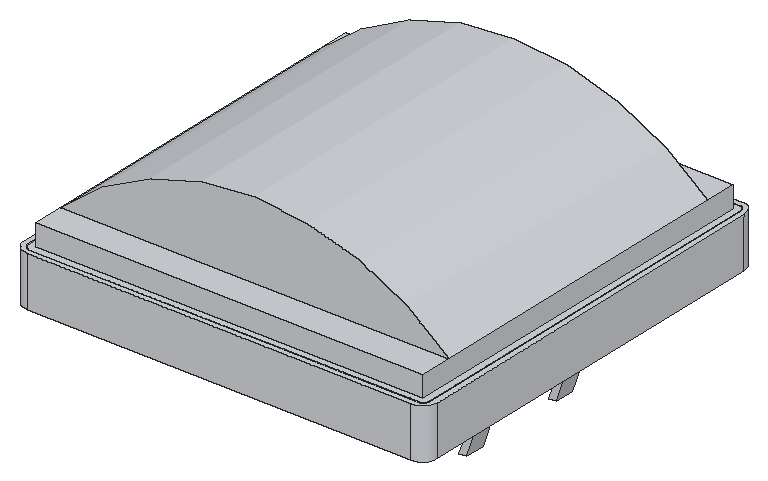
Revit family "Gira_5373600", category Electrical Fixtures, host Face, Revit 2017
Family settings
  Host = Face
  Maintain Annotation Orientation = Yes
  Round Connector Dimension = Use Diameter
  Part Type = Normal
  Cut with Voids When Loaded = No
  Shared = No
  Room Calculation Point = No
Parameters (values of type "S3000 motion detec.top 1.10 m Standard System 55 stainl.steel(lac.)")
  URL = "http://katalog.gira.de/en/datenblatt.html?artikelnr=5373600"
  Name = "S3000 motion detec.top 1.10 m Standard System 55 stainl.steel(lac.)"
  Model = "Movement sensor"
  Manufacturer URL = "https://www.gira.de/"
  Manufacturer = "Gira"
  Keynote = ""
  HeinzeBIM = "https://bimportal.heinze.de/bim/s3000-motion-detec-top-1-10-m-standard-system-55-stainl-steel-lac-/be5acad0a136b418682be106ad8a421ff9868903"
  HAN = "5373600"
  GTIN = "4010337049999"
  Description = "S3000 mot.det.top 1.10m Std Sys55 SSTl,System 3000 motion detector top unit 1.10 m Standard,System 55,stainless steel (lacquered),Features:,- Automatic switching of lighting, depending on the movement of heat and ambient brightness.,- Operation with System 3000 switching or dimming insert or 3-wire auxiliary insert.,- Expansion of the detection range in combination with the 3-wire auxiliary insert.,- Adjustable brightness threshold.,- Sensitivity adjustable in four steps.,- When connecting a System 3000 auxiliary insert with an operating top unit or mechanical button to the main unit, the lighting can be switched on or dimmed for the duration of the delay time.,With System 3000 dimming insert:,- Switch on with the last brightness set, or a saved switch-on brightness.,- The switch-on brightness can only be saved permanently via the System 3000 auxiliary insert with operating top unit.,,Notes :,- The detection range is aligned horizontally and when used outdoors may fail to identify a boundary. When installing outdoors, find an appropriate location or use the 2.20 m motion detector top unit."
  Default Elevation = 1219.2 mm
  Data sheet (1) = "https://katalog.gira.de/en/download.html?artikelnr=5373600"
  Category = "Sensor element for movement sensor"
  BIM (1) = "https://media.stage.bim.site/public/gira/36a6b08/Bewegungsmelder_1,10m.rfa"
  Available = "No"
Reference planes
  plane 1 "Center (Front/Back)": y = 0
  plane 2: z = 0
  plane 3 "Center (Left/Right)": x = 0
Forms (mm)
  Extrusion 1, solid, detail levels fine
    sketch origin (0, 0, 0) x (1, 0, 0) y (0, 0, 1)
      loop
        line (-33.025, 12.126) -> (33.025, 12.126)
        arc (33.025, 12.126) -> (0, 25.3) -> (-33.025, 12.126) r 47.982
    from -27.6 to 27.6
  Extrusion 2, solid, detail levels fine
    sketch origin (0, 0, 0) x (1, 0, 0) y (0, 1, 0)
      loop
        line (33.025, 33.025) -> (-33.025, 33.025) -> (-33.025, -33.025) -> (33.025, -33.025) -> (33.025, 33.025)
    from 8.55 to 12.126
  Extrusion 3, solid, detail levels fine
    sketch origin (0, 0, 0) x (1, 0, 0) y (0, 1, 0)
      loop
        spline (-32.7, 35.2) -> (-33.027, 35.179) -> (-33.347, 35.115) -> (-33.657, 35.01) -> (-33.95, 34.865) -> (-34.222, 34.683) -> (-34.468, 34.468) -> (-34.683, 34.222) -> (-34.865, 33.95) -> (-35.01, 33.657) -> (-35.115, 33.347) -> (-35.179, 33.027) -> (-35.2, 32.7)
        line (-35.2, 32.7) -> (-35.2, -32.7)
        spline (-35.2, -32.7) -> (-35.179, -33.027) -> (-35.115, -33.347) -> (-35.01, -33.657) -> (-34.865, -33.95) -> (-34.683, -34.222) -> (-34.468, -34.468) -> (-34.222, -34.683) -> (-33.95, -34.865) -> (-33.657, -35.01) -> (-33.347, -35.115) -> (-33.027, -35.179) -> (-32.7, -35.2)
        line (-32.7, -35.2) -> (32.7, -35.2)
        spline (32.7, -35.2) -> (33.027, -35.179) -> (33.347, -35.115) -> (33.657, -35.01) -> (33.95, -34.865) -> (34.222, -34.683) -> (34.468, -34.468) -> (34.683, -34.222) -> (34.865, -33.95) -> (35.01, -33.657) -> (35.115, -33.347) -> (35.179, -33.027) -> (35.2, -32.7)
        line (35.2, -32.7) -> (35.2, 32.7)
        spline (35.2, 32.7) -> (35.179, 33.027) -> (35.115, 33.347) -> (35.01, 33.657) -> (34.865, 33.95) -> (34.683, 34.222) -> (34.468, 34.468) -> (34.222, 34.683) -> (33.95, 34.865) -> (33.657, 35.01) -> (33.347, 35.115) -> (33.027, 35.179) -> (32.7, 35.2)
        line (32.7, 35.2) -> (-32.7, 35.2)
      loop
        line (-34.2, 33.2) -> (-34.2, -33.2)
        spline (-34.2, -33.2) -> (-34.191, -33.331) -> (-34.166, -33.459) -> (-34.124, -33.583) -> (-34.066, -33.7) -> (-33.993, -33.809) -> (-33.907, -33.907) -> (-33.809, -33.993) -> (-33.7, -34.066) -> (-33.583, -34.124) -> (-33.459, -34.166) -> (-33.331, -34.191) -> (-33.2, -34.2)
        line (-33.2, -34.2) -> (33.2, -34.2)
        spline (33.2, -34.2) -> (33.331, -34.191) -> (33.459, -34.166) -> (33.583, -34.124) -> (33.7, -34.066) -> (33.809, -33.993) -> (33.907, -33.907) -> (33.993, -33.809) -> (34.066, -33.7) -> (34.124, -33.583) -> (34.166, -33.459) -> (34.191, -33.331) -> (34.2, -33.2)
        line (34.2, -33.2) -> (34.2, 33.2)
        spline (34.2, 33.2) -> (34.191, 33.331) -> (34.166, 33.459) -> (34.124, 33.583) -> (34.066, 33.7) -> (33.993, 33.809) -> (33.907, 33.907) -> (33.809, 33.993) -> (33.7, 34.066) -> (33.583, 34.124) -> (33.459, 34.166) -> (33.331, 34.191) -> (33.2, 34.2)
        line (33.2, 34.2) -> (-33.2, 34.2)
        spline (-33.2, 34.2) -> (-33.331, 34.191) -> (-33.459, 34.166) -> (-33.583, 34.124) -> (-33.7, 34.066) -> (-33.809, 33.993) -> (-33.907, 33.907) -> (-33.993, 33.809) -> (-34.066, 33.7) -> (-34.124, 33.583) -> (-34.166, 33.459) -> (-34.191, 33.331) -> (-34.2, 33.2)
    from 0 to 8.55
  Extrusion 4, solid, detail levels fine
    sketch origin (0, 0, 0) x (1, 0, 0) y (0, 1, 0)
      loop
        line (-34.2, 33.2) -> (-34.2, -33.2)
        spline (-34.2, -33.2) -> (-34.191, -33.331) -> (-34.166, -33.459) -> (-34.124, -33.583) -> (-34.066, -33.7) -> (-33.993, -33.809) -> (-33.907, -33.907) -> (-33.809, -33.993) -> (-33.7, -34.066) -> (-33.583, -34.124) -> (-33.459, -34.166) -> (-33.331, -34.191) -> (-33.2, -34.2)
        line (-33.2, -34.2) -> (33.2, -34.2)
        spline (33.2, -34.2) -> (33.331, -34.191) -> (33.459, -34.166) -> (33.583, -34.124) -> (33.7, -34.066) -> (33.809, -33.993) -> (33.907, -33.907) -> (33.993, -33.809) -> (34.066, -33.7) -> (34.124, -33.583) -> (34.166, -33.459) -> (34.191, -33.331) -> (34.2, -33.2)
        line (34.2, -33.2) -> (34.2, 33.2)
        spline (34.2, 33.2) -> (34.191, 33.331) -> (34.166, 33.459) -> (34.124, 33.583) -> (34.066, 33.7) -> (33.993, 33.809) -> (33.907, 33.907) -> (33.809, 33.993) -> (33.7, 34.066) -> (33.583, 34.124) -> (33.459, 34.166) -> (33.331, 34.191) -> (33.2, 34.2)
        line (33.2, 34.2) -> (-33.2, 34.2)
        spline (-33.2, 34.2) -> (-33.331, 34.191) -> (-33.459, 34.166) -> (-33.583, 34.124) -> (-33.7, 34.066) -> (-33.809, 33.993) -> (-33.907, 33.907) -> (-33.993, 33.809) -> (-34.066, 33.7) -> (-34.124, 33.583) -> (-34.166, 33.459) -> (-34.191, 33.331) -> (-34.2, 33.2)
    from 6.175 to 8.55
  Extrusion 5, solid, detail levels fine
    sketch origin (0, 0, 0) x (1, 0, 0) y (0, 1, 0)
      loop
        spline (-27.7, -27.1) -> (-27.696, -27.165) -> (-27.683, -27.229) -> (-27.662, -27.291) -> (-27.633, -27.35) -> (-27.597, -27.404) -> (-27.554, -27.454) -> (-27.504, -27.497) -> (-27.45, -27.533) -> (-27.391, -27.562) -> (-27.329, -27.583) -> (-27.265, -27.596) -> (-27.2, -27.6)
        line (-27.2, -27.6) -> (27.2, -27.6)
        spline (27.2, -27.6) -> (27.265, -27.596) -> (27.329, -27.583) -> (27.391, -27.562) -> (27.45, -27.533) -> (27.504, -27.497) -> (27.554, -27.454) -> (27.597, -27.404) -> (27.633, -27.35) -> (27.662, -27.291) -> (27.683, -27.229) -> (27.696, -27.165) -> (27.7, -27.1)
        line (27.7, -27.1) -> (27.7, 27.1)
        spline (27.7, 27.1) -> (27.696, 27.165) -> (27.683, 27.229) -> (27.662, 27.291) -> (27.633, 27.35) -> (27.597, 27.404) -> (27.554, 27.454) -> (27.504, 27.497) -> (27.45, 27.533) -> (27.391, 27.562) -> (27.329, 27.583) -> (27.265, 27.596) -> (27.2, 27.6)
        line (27.2, 27.6) -> (-27.2, 27.6)
        spline (-27.2, 27.6) -> (-27.265, 27.596) -> (-27.329, 27.583) -> (-27.391, 27.562) -> (-27.45, 27.533) -> (-27.504, 27.497) -> (-27.554, 27.454) -> (-27.597, 27.404) -> (-27.633, 27.35) -> (-27.662, 27.291) -> (-27.683, 27.229) -> (-27.696, 27.165) -> (-27.7, 27.1)
        line (-27.7, 27.1) -> (-27.7, -27.1)
      loop
        line (26.9, 26.8) -> (-26.9, 26.8) -> (-26.9, -26.8) -> (26.9, -26.8) -> (26.9, 26.8)
    from 0 to 6.175
  Extrusion 6, solid, detail levels fine
    sketch origin (0, 0, 0) x (1, 0, 0) y (0, 1, 0)
      loop
        line (-15.4, -23.928) -> (15.4, -23.928)
        arc (15.4, -23.928) -> (21.43, -21.43) -> (23.928, -15.4) r 8.528
        line (23.928, -15.4) -> (23.928, 15.4)
        arc (23.928, 15.4) -> (21.43, 21.43) -> (15.4, 23.928) r 8.528
        line (15.4, 23.928) -> (-15.4, 23.928)
        arc (-15.4, 23.928) -> (-21.43, 21.43) -> (-23.928, 15.4) r 8.528
        line (-23.928, 15.4) -> (-23.928, -15.4)
        arc (-23.928, -15.4) -> (-21.43, -21.43) -> (-15.4, -23.928) r 8.528
    from -0.985 to 1.6
  Extrusion 7, solid, detail levels fine
    sketch origin (0, 0, 0) x (1, 0, 0) y (0, 1, 0)
      loop
        line (-26.35, 18.301) -> (-26.35, -18.801)
        spline (-26.35, -18.801) -> (-26.286, -19.78) -> (-26.095, -20.742) -> (-25.779, -21.671) -> (-25.345, -22.551) -> (-24.8, -23.366) -> (-24.154, -24.104) -> (-23.416, -24.75) -> (-22.601, -25.295) -> (-21.721, -25.729) -> (-20.792, -26.045) -> (-19.83, -26.236) -> (-18.851, -26.3)
        line (-18.851, -26.3) -> (18.851, -26.3)
        spline (18.851, -26.3) -> (19.83, -26.236) -> (20.792, -26.045) -> (21.721, -25.729) -> (22.601, -25.295) -> (23.416, -24.75) -> (24.154, -24.104) -> (24.8, -23.366) -> (25.345, -22.551) -> (25.779, -21.671) -> (26.094, -20.742) -> (26.286, -19.78) -> (26.35, -18.801)
        line (26.35, -18.801) -> (26.35, 18.301)
        spline (26.35, 18.301) -> (26.286, 19.28) -> (26.094, 20.242) -> (25.779, 21.171) -> (25.345, 22.051) -> (24.8, 22.866) -> (24.154, 23.604) -> (23.416, 24.25) -> (22.601, 24.795) -> (21.721, 25.229) -> (20.792, 25.545) -> (19.83, 25.736) -> (18.851, 25.8)
        line (18.851, 25.8) -> (-18.851, 25.8)
        spline (-18.851, 25.8) -> (-19.83, 25.736) -> (-20.792, 25.545) -> (-21.721, 25.229) -> (-22.601, 24.795) -> (-23.416, 24.25) -> (-24.154, 23.604) -> (-24.8, 22.866) -> (-25.345, 22.051) -> (-25.779, 21.171) -> (-26.095, 20.242) -> (-26.286, 19.28) -> (-26.35, 18.301)
    from 1.6 to 6.1
  Extrusion 8, solid, detail levels fine
    sketch origin (0, 0, 0) x (1, 0, 0) y (0, 0, 1)
      loop
        line (-23.048, -13.343) -> (-21.665, -13.513) -> (-24.338, -6.363) -> (-23.36, 1.6) -> (-25.023, 1.6) -> (-24.975, -1.121) -> (-25.39, -6.541) -> (-23.048, -13.343)
      loop
        line (23.048, -13.343) -> (25.39, -6.541) -> (24.975, -1.121) -> (25.023, 1.6) -> (23.36, 1.6) -> (24.338, -6.363) -> (21.665, -13.513) -> (23.048, -13.343)
    from 7.9 to 11.14
  Extrusion 9, solid, detail levels fine
    sketch origin (0, 0, 0) x (1, 0, 0) y (0, 0, -1)
      loop
        line (-23.048, 13.343) -> (-25.39, 6.541) -> (-24.975, 1.121) -> (-25.023, -1.6) -> (-23.36, -1.6) -> (-24.338, 6.363) -> (-21.665, 13.513) -> (-23.048, 13.343)
      loop
        line (23.048, 13.343) -> (21.665, 13.513) -> (24.338, 6.363) -> (23.36, -1.6) -> (25.023, -1.6) -> (24.975, 1.121) -> (25.39, 6.541) -> (23.048, 13.343)
    from 7.9 to 11.14
  Extrusion 10, solid, detail levels fine
    sketch origin (0, 0, 0) x (1, 0, 0) y (0, 1, 0)
      loop
        line (-5.141, 20.681) -> (-5.141, 15.099)
        spline (-5.141, 15.099) -> (-5.133, 14.968) -> (-5.107, 14.84) -> (-5.065, 14.716) -> (-5.007, 14.599) -> (-4.935, 14.49) -> (-4.849, 14.391) -> (-4.75, 14.305) -> (-4.641, 14.233) -> (-4.524, 14.175) -> (-4.4, 14.133) -> (-4.272, 14.107) -> (-4.141, 14.099)
        line (-4.141, 14.099) -> (4.141, 14.099)
        spline (4.141, 14.099) -> (4.272, 14.107) -> (4.4, 14.133) -> (4.524, 14.175) -> (4.641, 14.233) -> (4.75, 14.305) -> (4.849, 14.391) -> (4.935, 14.49) -> (5.007, 14.599) -> (5.065, 14.716) -> (5.107, 14.84) -> (5.133, 14.968) -> (5.141, 15.099)
        line (5.141, 15.099) -> (5.141, 20.681)
        spline (5.141, 20.681) -> (5.133, 20.812) -> (5.107, 20.94) -> (5.065, 21.064) -> (5.007, 21.181) -> (4.935, 21.29) -> (4.849, 21.389) -> (4.75, 21.475) -> (4.641, 21.547) -> (4.524, 21.605) -> (4.4, 21.647) -> (4.272, 21.673) -> (4.141, 21.681)
        line (4.141, 21.681) -> (-4.141, 21.681)
        spline (-4.141, 21.681) -> (-4.272, 21.673) -> (-4.4, 21.647) -> (-4.524, 21.605) -> (-4.641, 21.547) -> (-4.75, 21.475) -> (-4.849, 21.389) -> (-4.935, 21.29) -> (-5.007, 21.181) -> (-5.065, 21.064) -> (-5.107, 20.94) -> (-5.133, 20.812) -> (-5.141, 20.681)
    from -17.3 to -0.985
  Extrusion 11, solid, detail levels medium
    sketch origin (0, 0, 0) x (1, 0, 0) y (0, 1, 0)
      loop
        line (33.025, 33.025) -> (-33.025, 33.025) -> (-33.025, -33.025) -> (33.025, -33.025) -> (33.025, 33.025)
    from 8.55 to 25.3
  Extrusion 12, solid, detail levels medium
    sketch origin (0, 0, 0) x (1, 0, 0) y (0, 1, 0)
      loop
        line (-35.2, 35.2) -> (-35.2, -35.2) -> (35.2, -35.2) -> (35.2, 35.2) -> (-35.2, 35.2)
    from 0 to 8.55
  Extrusion 13, solid, detail levels medium
    sketch origin (0, 0, 0) x (1, 0, 0) y (0, 0, 1)
      loop
        line (-25.023, 1.6) -> (-25.023, -13.1) -> (-21.665, -13.513) -> (-21.665, 1.6) -> (-25.023, 1.6)
      loop
        line (25.023, 1.6) -> (21.665, 1.6) -> (21.665, -13.513) -> (25.023, -13.1) -> (25.023, 1.6)
    from 8 to 11.14
  Extrusion 14, solid, detail levels medium
    sketch origin (0, 0, 0) x (1, 0, 0) y (0, 0, -1)
      loop
        line (-25.023, -1.6) -> (-21.665, -1.6) -> (-21.665, 13.513) -> (-25.023, 13.1) -> (-25.023, -1.6)
      loop
        line (25.023, -1.6) -> (25.023, 13.1) -> (21.665, 13.513) -> (21.665, -1.6) -> (25.023, -1.6)
    from 8 to 11.14
  Extrusion 15, solid, detail levels medium
    sketch origin (0, 0, 0) x (1, 0, 0) y (0, 1, 0)
      loop
        line (-5.141, 21.681) -> (-5.141, 14.099) -> (5.141, 14.099) -> (5.141, 21.681) -> (-5.141, 21.681)
    from -17.3 to -0.985
  Extrusion 16, solid, detail levels coarse
    sketch origin (0, 0, 0) x (1, 0, 0) y (0, 1, 0)
      loop
        line (-35.2, 35.2) -> (-35.2, -35.2) -> (35.2, -35.2) -> (35.2, 35.2) -> (-35.2, 35.2)
    from -17.3 to 25.3
Dimensions and locks
  aligned and locked: plane 2 to host face
  aligned and locked: level to host face
  aligned and locked: nested 1 to plane 3 "Center (Left/Right)"
  aligned and locked: plane 1 "Center (Front/Back)" to nested 1
Nested families
  nested 1: "Belegungssensor - Bewegung - Aufputz - Beschriftung" at (0, 0, 0) x (0, -1, 0) z (0, 0, 1), type "Belegungssensor - Bewegung - Aufputz - Beschriftung"
Connectors
  electrical at (0, 0, -17.3)
    settings: on Extrusion 16, index 1, voltage 220 V, apparent load 0 VA, apparent load phase1 0 VA, apparent load phase2 0 VA, apparent load phase3 0 VA, power factor 1, load classification "Other", number of poles 1, system type 30, power factor state 1, is connector primary yes, connector utility no, sub classification motor no, connector description ""
Definition of nested family "Belegungssensor - Bewegung - Aufputz - Beschriftung"
  Reference planes
    plane 1: y = 0
    plane 2: x = 0
  Lines and regions (mm)
    Filled region 1, type "Gefüllter Bereich 1"
      outline origin (143.425, -20.712, 0) x (1, 0, 0) y (0, 1, 0)
        loop
          line (-148.697, 21.204) -> (-148.697, 20.409) -> (-147.583, 20.807) -> (-148.697, 21.204)
    Filled region 2, type "Gefüllter Bereich 1"
      outline origin (141.808, 30.001, 0) x (0.939693, 0.34202, 0) y (-0.34202, 0.939693, 0)
        loop
          line (-148.694, 21.203) -> (-148.694, 20.41) -> (-147.583, 20.807) -> (-148.694, 21.203)
    Filled region 3, type "Gefüllter Bereich 1"
      outline origin (141.819, -29.825, 0) x (-0.34202, -0.939693, 0) y (0.939693, -0.34202, 0)
        loop
          line (21.204, -148.697) -> (20.807, -147.583) -> (20.409, -148.697) -> (21.204, -148.697)
    detail lines
      curve 1: line (-1.207, 0.095, 0) -> (-3.486, 1.411, 0)
      curve 2: line (-1.207, 0.095, 0) -> (-3.486, -1.221, 0)
      curve 5: arc (-3.252, 1.752, 0) -> (-3.839, 0.095, 0) -> (-3.252, -1.562, 0) r 2.632
      curve 6: line (-6, 3, 0) -> (0, 3, 0)
      curve 7: line (-6, -3, 0) -> (-6, 3, 0)
      curve 8: line (0, -3, 0) -> (-6, -3, 0)
      curve 9: line (0, 3, 0) -> (0, -3, 0)
    reference lines
      curve 3: line (-1.207, 0.095, 0) -> (-3.616, 2.046, 0)
      curve 4: line (-1.207, 0.095, 0) -> (-3.616, -1.856, 0)
  Dimensions and locks
    curve 1 to curve 1 = 2.632 mm
    curve 2 to curve 2 = 2.632 mm
    curve 6 to curve 8 = 6 mm
    curve 7 to curve 9 = 6 mm
    angle curve 1 to curve 2 = 60.00°
    aligned and locked: curve 6 to curve 7
    aligned and locked: curve 9 to curve 9
